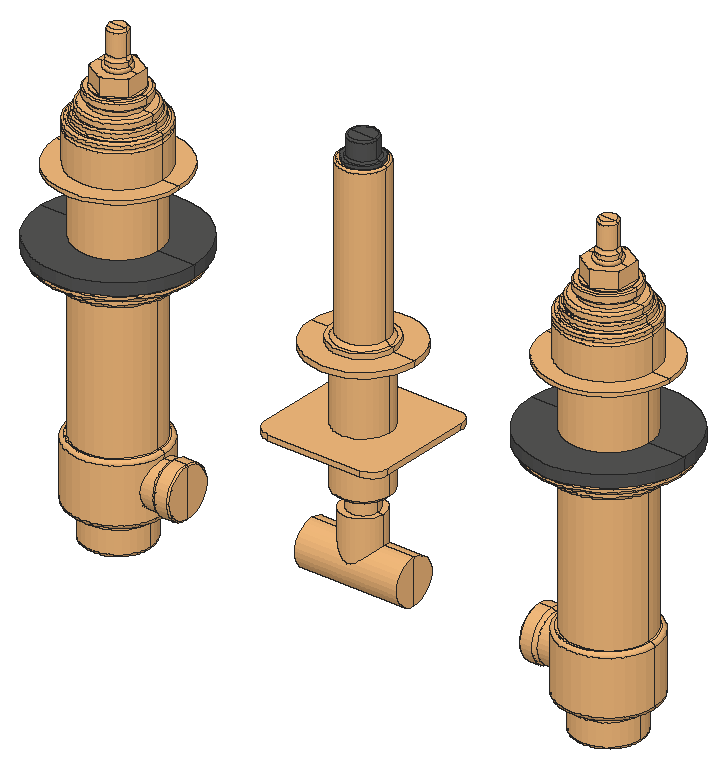
Revit family "Bath-Valves_and_Controls-KOHLER-K-301", category Plumbing Fixtures, host Face, Revit 2015
Parameters (values of type "3/4 Inch High-Flow Bath Valve")
  Width = 8"  # constant formula
  Waste Water Outlet = "Waste Water Outlet"  # constant formula
  Waste Connection = 1 = 0  # no
  Vent Connection = 1 = 0  # no
  URL = "https://www.us.kohler.com/us/"
  Product Page URL = "http://www.us.kohler.com/us/catalog/productDetails.jsp?productNumber=301-K"
  Product Name = "High Flow"  # constant formula
  Product Documentation Link = "https://www.us.kohler.com/webassets/kpna/catalog/pdf/en/K-301-K_spec.pdf"
  Pressure = 0.00 psi
  Model = "K-301-K-NA"  # constant formula
  Material = "Brass construction"  # constant formula
  MasterFormat 2004 = "22.11.00"  # constant formula
  MasterFormat 1995 = "154300"  # constant formula
  Manufacturer Address = "444 Highland Dr, Kohler, WI 53044"  # constant formula
  Manufacturer = "KOHLER Co."  # constant formula
  Length = 7 15/32"  # constant formula
  Hot Water Inlet = "Hot Water Inlet"  # constant formula
  Height = 2 1/2"  # constant formula
  HW Connection = 1 = 1  # yes
  Flow Rate = 30 GPM  # constant formula
  Finish = Kohler-Metal-Brass
  Environmental Product Declaration = ""
  Description = "3/4 Inch ceramic high-flow valve system"  # constant formula
  Default Elevation = 36"
  Declare Label = ""
  Date Modified = "01/22/2019"  # constant formula
  Date Created = "01/22/2019"  # constant formula
  Copyright = "Copyright KOHLER Co."  # constant formula
  Contact Us = "https://www.us.kohler.com/us/static/contact.jsp"
  Cold Water Inlet = "Cold Water Inlet"  # constant formula
  CW Connection = 1 = 1  # yes
  Assembly Code = "D2020"
  ADA Compliant = 1 = 0  # no
Reference planes (in)
  plane 1 "Center (Front/Back)": y = 0
  plane 2: z = 0
  plane 3 "Center (Left/Right)": x = 0
  plane 4: x = 4
  plane 5: x = -4
  plane 6: y = 1.25
  plane 7: y = -1.25
  plane 8: z = -5.40625
  plane 9: z = -1
  plane 10: z = 2.0625
Forms (in)
  Extrusion 1, void
    sketch origin (0, 0, 0) x (1, 0, 0) y (0, 1, 0)
      loop
        circle (0, 0) r 0.375
      loop
        circle (-4, 0) r 0.78906
      loop
        circle (4, 0) r 0.78806
    from -0.93984 to 0.31144
  Extrusion 2, void
    sketch origin (0, 0, 0) x (1, 0, 0) y (0, 1, 0)
      loop
        circle (-4, 0) r 1.2832
      loop
        circle (4, 0) r 1.2832
      loop
        line (0.75781, 1.00781) -> (-0.75781, 1.00781)
        arc (-0.75781, 1.00781) -> (-0.93459, 0.93459) -> (-1.00781, 0.75781) r 0.25
        line (-1.00781, 0.75781) -> (-1.00781, -0.76563)
        arc (-1.00781, -0.76563) -> (-0.93459, -0.9424) -> (-0.75781, -1.01563) r 0.25
        line (-0.75781, -1.01563) -> (0.75781, -1.01563)
        arc (0.75781, -1.01563) -> (0.93459, -0.9424) -> (1.00781, -0.76562) r 0.25
        line (1.00781, -0.76562) -> (1.00781, 0.75781)
        arc (1.00781, 0.75781) -> (0.93459, 0.93459) -> (0.75781, 1.00781) r 0.25
    from -5.73682 to -0.93984
  Extrusion 3, void
    sketch origin (0, 0, 0) x (0, 1, 0) y (0, 0, 1)
      loop
        circle (0, -4.37025) r 0.4197
    from -4.99706 to 5.05336
Dimensions and locks (in)
  plane 2 to plane 9 = 1"
  equal spacing: plane 6, plane 1 "Center (Front/Back)", plane 7
  "Width": plane 4 to plane 5
  equal spacing: plane 4, plane 3 "Center (Left/Right)", plane 5
  locked: plane 10 to plane 2 at 2.0625
  "Length": plane 10 to plane 8
  "Height": plane 6 to plane 7
  aligned and locked: plane 2 to host face
  aligned and locked: level to host face
Automatic sketch dimensions
  host sketch curve to host sketch curve = 96"  (x2)
  plane 1 "Center (Front/Back)" to Extrusion 2 sketch curve = 0"  (x2)
  Extrusion 2 sketch curve to plane 5 = 0"
  Extrusion 2 sketch curve to plane 4 = 0"
  Extrusion 2 sketch curve to plane 3 "Center (Left/Right)" = 1 1/128"
  Extrusion 2 sketch curve to Extrusion 2 sketch curve = 1/4"  (x3)
  plane 3 "Center (Left/Right)" to Extrusion 2 sketch curve = 97/128"  (x2)
  plane 1 "Center (Front/Back)" to Extrusion 2 sketch curve = 49/64"
  Extrusion 2 sketch curve to plane 1 "Center (Front/Back)" = 97/128"
  Extrusion 3 sketch curve to plane 1 "Center (Front/Back)" = 0"
  plane 8 to Extrusion 3 sketch curve = 1.036"
  plane 1 "Center (Front/Back)" to Extrusion 1 sketch curve = 0"  (x3)
  Extrusion 1 sketch curve to plane 5 = 0"
  Extrusion 1 sketch curve to plane 3 "Center (Left/Right)" = 0"
  Extrusion 1 sketch curve to plane 4 = 0"
  radius of Extrusion 2 sketch curve = 1.2832"  (x2)
  radius of Extrusion 3 sketch curve = 0.4197"
  radius of Extrusion 1 sketch curve = 3/8"
  radius of Extrusion 1 sketch curve = 101/128"
  radius of Extrusion 1 sketch curve = 0.78806"
Nested families (in)
  nested 1: "K-301" at (0, 0, -5.4065), type "K-301"
Connectors (in)
  piping at (-4, 0, -5.36351), diameter 0.625, driven by "Flow Rate", driven by "HW Connection", driven by "Hot Water Inlet"
    settings: on nested 1, index 1, connector inside diameter 24", connector length 0", flow factor 0, pipe flow 30 GPM, pressure drop 0.00 psi, fitting loss kfactor 0, connector angle 0.00°, fixture units 0, engagement length 0", angle of deflection 0.00°, flow configuration 1, flow direction 1, fitting loss method 0, system type 19, joint type 0, gender type 0, connector reference index -1, connector utility 1, adjustable connector no, is connector primary yes, connector description "Hot Water Inlet"
  piping at (4, 0, -5.36335), diameter 0.625, driven by "Flow Rate", driven by "CW Connection", driven by "Cold Water Inlet"
    settings: on nested 1, index 2, connector inside diameter 24", connector length 0", flow factor 0, pipe flow 30 GPM, pressure drop 0.00 psi, fitting loss kfactor 0, connector angle 0.00°, fixture units 0, engagement length 0", angle of deflection 0.00°, flow configuration 1, flow direction 1, fitting loss method 0, system type 20, joint type 0, gender type 0, connector reference index -1, connector utility 1, adjustable connector no, is connector primary no, connector description "Cold Water Inlet"
Definition of nested family "K-301"
  Parameters (values of type "K-301")
    Valve Material = none
  Reference planes (in)
    plane 1 "Center (Front/Back)": y = 0
    plane 2: z = 0
    plane 3 "Center (Left/Right)": x = 0
    plane 4: x = 4
    plane 5: x = -4
    plane 6: y = -1.25
    plane 7: y = 1.25
    plane 8: z = 7.469
    plane 9: z = 5.4065
    plane 10: z = 4.4065
    plane 11: z = 0.00025
  Forms (in)
    Revolve 1, solid, material <- "Valve Material", detail levels medium+fine
      sketch origin (0, 0, 0) x (1, 0, 0) y (0, 0, 1)
        loop
          line (-4, 0.04299) -> (-4, 7.469) -> (-4.125, 7.469) -> (-4.14991, 7.42586) -> (-4.14991, 7.07567)
          arc (-4.14991, 7.07567) -> (-4.12427, 7.02498) -> (-4.17366, 6.99691) r 0.04118
          line (-4.17366, 6.99691) -> (-4.17366, 6.92561)
          arc (-4.17366, 6.92561) -> (-4.20753, 6.90204) -> (-4.18742, 6.866) r 0.03074
          line (-4.18742, 6.866) -> (-4.35737, 6.866)
          arc (-4.35737, 6.866) -> (-4.37536, 6.85855) -> (-4.38281, 6.84055) r 0.02545
          line (-4.38281, 6.84055) -> (-4.38281, 6.591) -> (-4.44707, 6.591) -> (-4.46962, 6.56845) -> (-4.46962, 6.47355) -> (-4.44707, 6.451) -> (-4.41605, 6.451) -> (-4.41605, 6.373) -> (-4.53425, 6.373)
          arc (-4.53425, 6.373) -> (-4.55842, 6.36299) -> (-4.56844, 6.33881) r 0.03419
          line (-4.56844, 6.33881) -> (-4.56844, 6.256) -> (-4.60181, 6.256)
          arc (-4.60181, 6.256) -> (-4.61835, 6.24915) -> (-4.6252, 6.23261) r 0.02339
          line (-4.6252, 6.23261) -> (-4.6252, 6.16255)
          arc (-4.6252, 6.16255) -> (-4.63239, 6.14519) -> (-4.64975, 6.138) r 0.02455
          line (-4.64975, 6.138) -> (-4.69157, 6.138)
          arc (-4.69157, 6.138) -> (-4.71521, 6.12821) -> (-4.725, 6.10457) r 0.03343
          line (-4.725, 6.10457) -> (-4.725, 6.04644)
          arc (-4.725, 6.04644) -> (-4.70558, 6.01808) -> (-4.725, 5.98972) r 0.03042
          line (-4.725, 5.98972) -> (-4.725, 5.4665) -> (-5, 5.4665) -> (-5, 5.4065) -> (-4.65248, 5.4065) -> (-4.65248, 4.2165) -> (-5.06544, 4.2165) -> (-5.06544, 4.1775) -> (-5.15896, 4.1775)
          arc (-5.15896, 4.1775) -> (-5.17448, 4.17107) -> (-5.18091, 4.15554) r 0.02196
          line (-5.18091, 4.15554) -> (-5.18091, 4.10809)
          arc (-5.18091, 4.10809) -> (-5.17488, 4.09353) -> (-5.16033, 4.0875) r 0.02059
          line (-5.16033, 4.0875) -> (-4.86837, 4.0875)
          arc (-4.86837, 4.0875) -> (-4.85056, 4.08012) -> (-4.84319, 4.06231) r 0.02519
          line (-4.84319, 4.06231) -> (-4.84319, 3.84365)
          arc (-4.84319, 3.84365) -> (-4.83553, 3.82516) -> (-4.81703, 3.8175) r 0.02615
          line (-4.81703, 3.8175) -> (-4.65316, 3.8175) -> (-4.65316, 1.506) -> (-4.69095, 1.506)
          arc (-4.69095, 1.506) -> (-4.73272, 1.4887) -> (-4.75002, 1.44694) r 0.05906
          line (-4.75002, 1.44694) -> (-4.75002, 0.57613)
          arc (-4.75002, 0.57613) -> (-4.73054, 0.53362) -> (-4.68564, 0.52061) r 0.05613
          arc (-4.68564, 0.52061) -> (-4.57677, 0.48906) -> (-4.52956, 0.38601) r 0.13608
          line (-4.52956, 0.38601) -> (-4.52956, 0.0217)
          arc (-4.52956, 0.0217) -> (-4.52328, 0.00653) -> (-4.50811, 0.00025) r 0.02145
          line (-4.50811, 0.00025) -> (-4.29726, 0.00025) -> (-4.29726, 0.04299) -> (-4, 0.04299)
        axis (-4, 7.469) -> (-4, 0.00025)
      angle from 0 to 360
    Revolve 2, solid, material <- "Valve Material", detail levels medium+fine
      sketch origin (0, 0, 0) x (1, 0, 0) y (0, 0, 1)
        loop
          line (0, 6.93824) -> (0, 1.05354) -> (0.33266, 1.05354) -> (0.33266, 1.841) -> (0.23606, 1.841) -> (0.23606, 2.105) -> (0.39089, 2.105) -> (0.43445, 2.14856) -> (0.43445, 2.7412) -> (0.61372, 2.7412) -> (0.61372, 2.98) -> (0.43445, 2.98) -> (0.43445, 4.18134) -> (0.845, 4.18134) -> (0.845, 4.27134) -> (0.5, 4.27134) -> (0.5, 4.34634) -> (0.43516, 4.34634) -> (0.375, 4.4065) -> (0.375, 6.90899)
          arc (0.375, 6.90899) -> (0.36643, 6.92968) -> (0.34575, 6.93824) r 0.02925
          line (0.34575, 6.93824) -> (0, 6.93824)
        axis (0, 6.93824) -> (0, 1.05354)
      angle from 0 to 360
    Revolve 3, solid, material <- "Valve Material", detail levels medium+fine
      sketch origin (0, 0, 0) x (1, 0, 0) y (0, 0, 1)
        loop
          line (-3.46752, 1.036) -> (-2.86, 1.036) -> (-2.86, 1.421) -> (-2.8847, 1.441) -> (-3.08, 1.441)
          arc (-3.08, 1.441) -> (-3.10378, 1.41898) -> (-3.13519, 1.41099) r 0.06576
          line (-3.13519, 1.41099) -> (-3.46752, 1.41099) -> (-3.46752, 1.036)
        loop
          line (-0.83, 1.036) -> (0.83, 1.036) -> (0.83, 1.391) -> (-0.83, 1.391) -> (-0.83, 1.036)
        loop
          line (3.46752, 1.41099) -> (3.13519, 1.41099)
          arc (3.13519, 1.41099) -> (3.10378, 1.41898) -> (3.08, 1.441) r 0.06576
          line (3.08, 1.441) -> (2.8847, 1.441) -> (2.86, 1.421) -> (2.86, 1.036) -> (3.46752, 1.036) -> (3.46752, 1.41099)
        axis (-3.46752, 1.036) -> (3.46752, 1.036)
      angle from 0 to 360
    Extrusion 4, solid, material <- "Valve Material", detail levels medium+fine
      sketch origin (0, 0, 0) x (1, 0, 0) y (0, 1, 0)
        loop
          line (1, -0.75) -> (1, 0.75)
          arc (1, 0.75) -> (0.92678, 0.92678) -> (0.75, 1) r 0.25
          line (0.75, 1) -> (-0.75, 1)
          arc (-0.75, 1) -> (-0.92678, 0.92678) -> (-1, 0.75) r 0.25
          line (-1, 0.75) -> (-1, -0.75)
          arc (-1, -0.75) -> (-0.92678, -0.92678) -> (-0.75, -1) r 0.25
          line (-0.75, -1) -> (0.75, -1)
          arc (0.75, -1) -> (0.92678, -0.92678) -> (1, -0.75) r 0.25
      from 2.98 to 3.07
    Extrusion 5, void
      sketch origin (0, 0, 0) x (1, 0, 0) y (0, 1, 0)
        loop
          line (-4.3225, 0.1862) -> (-4.3225, -0.1862) -> (-4, -0.37239) -> (-3.6775, -0.1862) -> (-3.6775, 0.1862) -> (-4, 0.37239) -> (-4.3225, 0.1862)
        loop
          circle (4, 0) r 0.46962
        loop
          circle (-4, 0) r 0.46962
        loop
          line (4.3225, 0.1862) -> (4, 0.37239) -> (3.6775, 0.1862) -> (3.6775, -0.1862) -> (4, -0.37239) -> (4.3225, -0.1862) -> (4.3225, 0.1862)
      from 6.601 to 6.93824
    Revolve 6, solid, detail levels medium+fine
      sketch origin (0, 0, 0) x (1, 0, 0) y (0, 0, 1)
        loop
          line (-5.25, 4.4065) -> (-5.25, 4.2165) -> (-4, 4.2165) -> (-4, 4.4065) -> (-5.25, 4.4065)
        axis (-4, 4.4065) -> (-4, 4.2165)
      angle from 0 to 360
    Revolve 7, solid, detail levels medium+fine
      sketch origin (0, 0, 0) x (-1, 0, 0) y (0, 0, 1)
        loop
          line (-5.25, 4.4065) -> (-5.25, 4.2165) -> (-4, 4.2165) -> (-4, 4.4065) -> (-5.25, 4.4065)
        axis (-4, 4.4065) -> (-4, 4.2165)
      angle from 0 to 360
    Revolve 8, solid, material <- "Valve Material", detail levels medium+fine
      sketch origin (0, 0, 0) x (-1, 0, 0) y (0, 0, 1)
        loop
          line (-4, 0.04315) -> (-4, 7.469) -> (-4.125, 7.469) -> (-4.14991, 7.42586) -> (-4.14991, 7.07567)
          arc (-4.14991, 7.07567) -> (-4.12427, 7.02498) -> (-4.17366, 6.99691) r 0.04118
          line (-4.17366, 6.99691) -> (-4.17366, 6.92561)
          arc (-4.17366, 6.92561) -> (-4.20753, 6.90204) -> (-4.18742, 6.866) r 0.03074
          line (-4.18742, 6.866) -> (-4.35737, 6.866)
          arc (-4.35737, 6.866) -> (-4.37536, 6.85855) -> (-4.38281, 6.84055) r 0.02545
          line (-4.38281, 6.84055) -> (-4.38281, 6.591) -> (-4.44707, 6.591) -> (-4.46962, 6.56845) -> (-4.46962, 6.47355) -> (-4.44707, 6.451) -> (-4.41605, 6.451) -> (-4.41605, 6.373) -> (-4.53425, 6.373)
          arc (-4.53425, 6.373) -> (-4.55842, 6.36299) -> (-4.56844, 6.33881) r 0.03419
          line (-4.56844, 6.33881) -> (-4.56844, 6.256) -> (-4.60181, 6.256)
          arc (-4.60181, 6.256) -> (-4.61835, 6.24915) -> (-4.6252, 6.23261) r 0.02339
          line (-4.6252, 6.23261) -> (-4.6252, 6.16255)
          arc (-4.6252, 6.16255) -> (-4.63239, 6.14519) -> (-4.64975, 6.138) r 0.02455
          line (-4.64975, 6.138) -> (-4.69157, 6.138)
          arc (-4.69157, 6.138) -> (-4.71521, 6.12821) -> (-4.725, 6.10457) r 0.03343
          line (-4.725, 6.10457) -> (-4.725, 6.04644)
          arc (-4.725, 6.04644) -> (-4.70558, 6.01808) -> (-4.725, 5.98972) r 0.03042
          line (-4.725, 5.98972) -> (-4.725, 5.4665) -> (-5, 5.4665) -> (-5, 5.4065) -> (-4.65248, 5.4065) -> (-4.65248, 4.2165) -> (-5.06544, 4.2165) -> (-5.06544, 4.1775) -> (-5.15896, 4.1775)
          arc (-5.15896, 4.1775) -> (-5.17448, 4.17107) -> (-5.18091, 4.15554) r 0.02196
          line (-5.18091, 4.15554) -> (-5.18091, 4.10809)
          arc (-5.18091, 4.10809) -> (-5.17488, 4.09353) -> (-5.16033, 4.0875) r 0.02059
          line (-5.16033, 4.0875) -> (-4.86837, 4.0875)
          arc (-4.86837, 4.0875) -> (-4.85056, 4.08012) -> (-4.84319, 4.06231) r 0.02519
          line (-4.84319, 4.06231) -> (-4.84319, 3.84365)
          arc (-4.84319, 3.84365) -> (-4.83553, 3.82516) -> (-4.81703, 3.8175) r 0.02615
          line (-4.81703, 3.8175) -> (-4.65316, 3.8175) -> (-4.65316, 1.506) -> (-4.69095, 1.506)
          arc (-4.69095, 1.506) -> (-4.73272, 1.4887) -> (-4.75002, 1.44694) r 0.05906
          line (-4.75002, 1.44694) -> (-4.75002, 0.57613)
          arc (-4.75002, 0.57613) -> (-4.73054, 0.53362) -> (-4.68564, 0.52061) r 0.05613
          arc (-4.68564, 0.52061) -> (-4.57677, 0.48906) -> (-4.52956, 0.38601) r 0.13608
          line (-4.52956, 0.38601) -> (-4.52956, 0.0217)
          arc (-4.52956, 0.0217) -> (-4.52328, 0.00653) -> (-4.50811, 0.00025) r 0.02145
          line (-4.50811, 0.00025) -> (-4.27476, 0.00025) -> (-4.27476, 0.04315) -> (-4, 0.04315)
        axis (-4, 7.469) -> (-4, 0.00025)
      angle from 0 to 360
    Revolve 9, solid, material <- "Valve Material", detail levels coarse
      sketch origin (0, 0, 0) x (1, 0, 0) y (0, 0, 1)
        loop
          line (-4, 7.469) -> (-4.18742, 7.469) -> (-4.18742, 6.866) -> (-4.725, 6.866) -> (-4.725, 5.46606) -> (-5, 5.46606) -> (-5, 5.4065) -> (-4.65248, 5.4065) -> (-4.65248, 4.4065) -> (-5.25, 4.4065) -> (-5.25, 3.8175) -> (-4.74691, 3.8175) -> (-4.74691, 0.00025) -> (-4, 0.00025) -> (-4, 7.469)
        axis (-4, 7.469) -> (-4, 0.00025)
      angle from 0 to 360
    Revolve 10, solid, material <- "Valve Material", detail levels coarse
      sketch origin (0, 0, 0) x (-1, 0, 0) y (0, 0, 1)
        loop
          line (-4, 7.469) -> (-4.18742, 7.469) -> (-4.18742, 6.866) -> (-4.725, 6.866) -> (-4.725, 5.4665) -> (-5, 5.4665) -> (-5, 5.4065) -> (-4.65248, 5.4065) -> (-4.65248, 4.4065) -> (-5.25, 4.4065) -> (-5.25, 3.8175) -> (-4.74691, 3.8175) -> (-4.74691, 0.00025) -> (-4, 0.00025) -> (-4, 7.469)
        axis (-4, 7.469) -> (-4, 0.00025)
      angle from 0 to 360
    Revolve 11, solid, material <- "Valve Material", detail levels coarse
      sketch origin (0, 0, 0) x (1, 0, 0) y (0, 0, 1)
        loop
          line (0, 7.28824) -> (0, 1.05354) -> (0.31727, 1.05354) -> (0.31727, 2.7412) -> (1, 2.7412) -> (1, 3.07) -> (0.43445, 3.07) -> (0.43445, 4.2415) -> (0.845, 4.2415) -> (0.845, 4.4065) -> (0.375, 4.4065) -> (0.375, 7.28824) -> (0, 7.28824)
        axis (0, 7.28824) -> (0, 1.05354)
      angle from 0 to 360
    Revolve 12, solid, material <- "Valve Material", detail levels coarse
      sketch origin (0, 0, 0) x (1, 0, 0) y (0, 0, 1)
        loop
          line (-3.6775, 1.036) -> (-2.86, 1.036) -> (-2.86, 1.44224) -> (-3.6775, 1.44224) -> (-3.6775, 1.036)
        loop
          line (3.58353, 1.44224) -> (2.86, 1.44224) -> (2.86, 1.036) -> (3.58353, 1.036) -> (3.58353, 1.44224)
        loop
          line (0.83, 1.40317) -> (-0.83, 1.40317) -> (-0.83, 1.036) -> (0.83, 1.036) -> (0.83, 1.40317)
        axis (-3.6775, 1.036) -> (3.58353, 1.036)
      angle from 0 to 360
    Revolve 13, solid, detail levels medium+fine
      sketch origin (0, 0, 0) x (1, 0, 0) y (0, 0, 1)
        loop
          line (0.19626, 7.28824) -> (0, 7.28824) -> (0, 6.90261) -> (0.305, 6.90261) -> (0.305, 6.97824) -> (0.25241, 6.97824)
          arc (0.25241, 6.97824) -> (0.23244, 6.98641) -> (0.22392, 7.00624) r 0.0285
          line (0.22392, 7.00624) -> (0.2194, 7.26551)
          arc (0.2194, 7.26551) -> (0.21248, 7.28161) -> (0.19626, 7.28824) r 0.02314
        axis (0, 7.28824) -> (0, 6.90261)
      angle from 0 to 360
  Cuts and joins
    Extrusion 5 cuts Revolve 1
    Extrusion 5 cuts Revolve 8
    joined: Revolve 1, Revolve 2, Extrusion 4, Revolve 8
    joined: Revolve 6, Revolve 7
    joined: Revolve 9, Revolve 10, Revolve 11, Revolve 12
  Lines and regions (in)
    Masking region 1, detail levels medium+fine
      outline origin (0, 0, 0) x (1, 0, 0) y (0, 0, 1)
        loop
          line (-4.00074, 7.469) -> (-4.12574, 7.469) -> (-4.15064, 7.42586) -> (-4.15064, 7.07567)
          arc (-4.15064, 7.07567) -> (-4.12501, 7.02498) -> (-4.1744, 6.99691) r 0.04118
          line (-4.1744, 6.99691) -> (-4.1744, 6.92561)
          arc (-4.1744, 6.92561) -> (-4.20827, 6.90204) -> (-4.18816, 6.866) r 0.03074
          line (-4.18816, 6.866) -> (-4.3225, 6.866) -> (-4.3225, 6.591) -> (-4.44781, 6.591) -> (-4.47036, 6.56845) -> (-4.47036, 6.47355) -> (-4.44781, 6.451) -> (-4.41679, 6.451) -> (-4.41679, 6.373) -> (-4.53499, 6.373)
          arc (-4.53499, 6.373) -> (-4.55916, 6.36299) -> (-4.56917, 6.33881) r 0.03419
          line (-4.56917, 6.33881) -> (-4.56917, 6.256) -> (-4.60255, 6.256)
          arc (-4.60255, 6.256) -> (-4.61909, 6.24915) -> (-4.62594, 6.23261) r 0.02339
          line (-4.62594, 6.23261) -> (-4.62594, 6.16255)
          arc (-4.62594, 6.16255) -> (-4.63313, 6.14519) -> (-4.65049, 6.138) r 0.02455
          line (-4.65049, 6.138) -> (-4.69231, 6.138)
          arc (-4.69231, 6.138) -> (-4.71595, 6.12821) -> (-4.72574, 6.10457) r 0.03343
          line (-4.72574, 6.10457) -> (-4.72574, 6.04644)
          arc (-4.72574, 6.04644) -> (-4.70631, 6.01808) -> (-4.72574, 5.98972) r 0.03042
          line (-4.72574, 5.98972) -> (-4.72574, 5.4665) -> (-5.00074, 5.4665) -> (-5.00074, 5.4065) -> (-4.65321, 5.4065) -> (-4.65321, 4.4065) -> (-5.25, 4.4065) -> (-5.25, 4.2165) -> (-5.06544, 4.2165) -> (-5.06544, 4.1775) -> (-5.15896, 4.1775)
          arc (-5.15896, 4.1775) -> (-5.17448, 4.17107) -> (-5.18091, 4.15554) r 0.02196
          line (-5.18091, 4.15554) -> (-5.18091, 4.10809)
          arc (-5.18091, 4.10809) -> (-5.17488, 4.09353) -> (-5.16033, 4.0875) r 0.02059
          line (-5.16033, 4.0875) -> (-4.86837, 4.0875)
          arc (-4.86837, 4.0875) -> (-4.85056, 4.08012) -> (-4.84319, 4.06231) r 0.02519
          line (-4.84319, 4.06231) -> (-4.84319, 3.84365)
          arc (-4.84319, 3.84365) -> (-4.83553, 3.82516) -> (-4.81703, 3.8175) r 0.02615
          line (-4.81703, 3.8175) -> (-4.6539, 3.8175) -> (-4.6539, 1.506) -> (-4.69169, 1.506)
          arc (-4.69169, 1.506) -> (-4.73346, 1.4887) -> (-4.75076, 1.44694) r 0.05906
          line (-4.75076, 1.44694) -> (-4.75076, 0.57613)
          arc (-4.75076, 0.57613) -> (-4.73128, 0.53362) -> (-4.68637, 0.52061) r 0.05613
          arc (-4.68637, 0.52061) -> (-4.57751, 0.48906) -> (-4.5303, 0.38601) r 0.13608
          line (-4.5303, 0.38601) -> (-4.5303, 0.0217)
          arc (-4.5303, 0.0217) -> (-4.52401, 0.00653) -> (-4.50885, 0.00025) r 0.02145
          line (-4.50885, 0.00025) -> (-3.49115, 0.00025)
          arc (-3.49115, 0.00025) -> (-3.47599, 0.00653) -> (-3.4697, 0.0217) r 0.02145
          line (-3.4697, 0.0217) -> (-3.4697, 0.38601)
          arc (-3.4697, 0.38601) -> (-3.42249, 0.48906) -> (-3.31363, 0.52061) r 0.13608
          arc (-3.31363, 0.52061) -> (-3.26872, 0.53362) -> (-3.24924, 0.57613) r 0.05613
          line (-3.24924, 0.57613) -> (-3.24924, 0.66101) -> (-3.13519, 0.66101)
          arc (-3.13519, 0.66101) -> (-3.10378, 0.65302) -> (-3.08, 0.631) r 0.06576
          line (-3.08, 0.631) -> (-2.8847, 0.631) -> (-2.86, 0.651) -> (-2.86, 1.421) -> (-2.8847, 1.441) -> (-3.08, 1.441)
          arc (-3.08, 1.441) -> (-3.10378, 1.41898) -> (-3.13519, 1.41099) r 0.06576
          line (-3.13519, 1.41099) -> (-3.24924, 1.41099) -> (-3.24924, 1.44694)
          arc (-3.24924, 1.44694) -> (-3.26654, 1.4887) -> (-3.30831, 1.506) r 0.05906
          line (-3.30831, 1.506) -> (-3.3461, 1.506) -> (-3.3461, 3.8175) -> (-3.18297, 3.8175)
          arc (-3.18297, 3.8175) -> (-3.16447, 3.82516) -> (-3.15681, 3.84365) r 0.02615
          line (-3.15681, 3.84365) -> (-3.15681, 4.06231)
          arc (-3.15681, 4.06231) -> (-3.14944, 4.08012) -> (-3.13163, 4.0875) r 0.02519
          line (-3.13163, 4.0875) -> (-2.83967, 4.0875)
          arc (-2.83967, 4.0875) -> (-2.82512, 4.09353) -> (-2.81909, 4.10809) r 0.02059
          line (-2.81909, 4.10809) -> (-2.81909, 4.15554)
          arc (-2.81909, 4.15554) -> (-2.82552, 4.17107) -> (-2.84104, 4.1775) r 0.02196
          line (-2.84104, 4.1775) -> (-2.93456, 4.1775) -> (-2.93456, 4.2165) -> (-2.75, 4.2165) -> (-2.75, 4.4065) -> (-3.34679, 4.4065) -> (-3.34679, 5.4065) -> (-2.99926, 5.4065) -> (-2.99926, 5.4665) -> (-3.27426, 5.4665) -> (-3.27426, 5.98972)
          arc (-3.27426, 5.98972) -> (-3.29369, 6.01808) -> (-3.27426, 6.04644) r 0.03042
          line (-3.27426, 6.04644) -> (-3.27426, 6.10457)
          arc (-3.27426, 6.10457) -> (-3.28405, 6.12821) -> (-3.30769, 6.138) r 0.03343
          line (-3.30769, 6.138) -> (-3.34951, 6.138)
          arc (-3.34951, 6.138) -> (-3.36687, 6.14519) -> (-3.37406, 6.16255) r 0.02455
          line (-3.37406, 6.16255) -> (-3.37406, 6.23261)
          arc (-3.37406, 6.23261) -> (-3.38091, 6.24915) -> (-3.39745, 6.256) r 0.02339
          line (-3.39745, 6.256) -> (-3.43083, 6.256) -> (-3.43083, 6.33881)
          arc (-3.43083, 6.33881) -> (-3.44084, 6.36299) -> (-3.46501, 6.373) r 0.03419
          line (-3.46501, 6.373) -> (-3.58321, 6.373) -> (-3.58321, 6.451) -> (-3.55219, 6.451) -> (-3.52964, 6.47355) -> (-3.52964, 6.56845) -> (-3.55219, 6.591) -> (-3.6775, 6.591) -> (-3.6775, 6.866) -> (-3.81184, 6.866)
          arc (-3.81184, 6.866) -> (-3.79173, 6.90204) -> (-3.8256, 6.92561) r 0.03074
          line (-3.8256, 6.92561) -> (-3.8256, 6.99691)
          arc (-3.8256, 6.99691) -> (-3.87499, 7.02498) -> (-3.84936, 7.07567) r 0.04118
          line (-3.84936, 7.07567) -> (-3.84936, 7.42586) -> (-3.87426, 7.469) -> (-4.00074, 7.469)
        loop
          line (3.87426, 7.469) -> (3.84936, 7.42586) -> (3.84936, 7.07567)
          arc (3.84936, 7.07567) -> (3.87499, 7.02498) -> (3.8256, 6.99691) r 0.04118
          line (3.8256, 6.99691) -> (3.8256, 6.92561)
          arc (3.8256, 6.92561) -> (3.79173, 6.90204) -> (3.81184, 6.866) r 0.03074
          line (3.81184, 6.866) -> (3.6775, 6.866) -> (3.6775, 6.591) -> (3.55219, 6.591) -> (3.52964, 6.56845) -> (3.52964, 6.47355) -> (3.55219, 6.451) -> (3.58321, 6.451) -> (3.58321, 6.373) -> (3.46501, 6.373)
          arc (3.46501, 6.373) -> (3.44084, 6.36299) -> (3.43083, 6.33881) r 0.03419
          line (3.43083, 6.33881) -> (3.43083, 6.256) -> (3.39745, 6.256)
          arc (3.39745, 6.256) -> (3.38091, 6.24915) -> (3.37406, 6.23261) r 0.02339
          line (3.37406, 6.23261) -> (3.37406, 6.16255)
          arc (3.37406, 6.16255) -> (3.36687, 6.14519) -> (3.34951, 6.138) r 0.02455
          line (3.34951, 6.138) -> (3.30769, 6.138)
          arc (3.30769, 6.138) -> (3.28405, 6.12821) -> (3.27426, 6.10457) r 0.03343
          line (3.27426, 6.10457) -> (3.27426, 6.04644)
          arc (3.27426, 6.04644) -> (3.29369, 6.01808) -> (3.27426, 5.98972) r 0.03042
          line (3.27426, 5.98972) -> (3.27426, 5.4665) -> (2.99926, 5.4665) -> (2.99926, 5.4065) -> (3.34679, 5.4065) -> (3.34679, 4.4065) -> (2.75, 4.4065) -> (2.75, 4.2165) -> (2.93456, 4.2165) -> (2.93456, 4.1775) -> (2.84104, 4.1775)
          arc (2.84104, 4.1775) -> (2.82552, 4.17107) -> (2.81909, 4.15554) r 0.02196
          line (2.81909, 4.15554) -> (2.81909, 4.10809)
          arc (2.81909, 4.10809) -> (2.82512, 4.09353) -> (2.83967, 4.0875) r 0.02059
          line (2.83967, 4.0875) -> (3.13163, 4.0875)
          arc (3.13163, 4.0875) -> (3.14944, 4.08012) -> (3.15681, 4.06231) r 0.02519
          line (3.15681, 4.06231) -> (3.15681, 3.84365)
          arc (3.15681, 3.84365) -> (3.16447, 3.82516) -> (3.18297, 3.8175) r 0.02615
          line (3.18297, 3.8175) -> (3.3461, 3.8175) -> (3.3461, 1.506) -> (3.30831, 1.506)
          arc (3.30831, 1.506) -> (3.26654, 1.4887) -> (3.24924, 1.44694) r 0.05906
          line (3.24924, 1.44694) -> (3.24924, 1.41099) -> (3.13519, 1.41099)
          arc (3.13519, 1.41099) -> (3.10378, 1.41898) -> (3.08, 1.441) r 0.06576
          line (3.08, 1.441) -> (2.8847, 1.441) -> (2.86, 1.421) -> (2.86, 0.651) -> (2.8847, 0.631) -> (3.08, 0.631)
          arc (3.08, 0.631) -> (3.10378, 0.65302) -> (3.13519, 0.66101) r 0.06576
          line (3.13519, 0.66101) -> (3.24924, 0.66101) -> (3.24924, 0.57613)
          arc (3.24924, 0.57613) -> (3.26872, 0.53362) -> (3.31363, 0.52061) r 0.05613
          arc (3.31363, 0.52061) -> (3.42249, 0.48906) -> (3.4697, 0.38601) r 0.13608
          line (3.4697, 0.38601) -> (3.4697, 0.0217)
          arc (3.4697, 0.0217) -> (3.47599, 0.00653) -> (3.49115, 0.00025) r 0.02145
          line (3.49115, 0.00025) -> (4.50885, 0.00025)
          arc (4.50885, 0.00025) -> (4.52401, 0.00653) -> (4.5303, 0.0217) r 0.02145
          line (4.5303, 0.0217) -> (4.5303, 0.38601)
          arc (4.5303, 0.38601) -> (4.57751, 0.48906) -> (4.68637, 0.52061) r 0.13608
          arc (4.68637, 0.52061) -> (4.73128, 0.53362) -> (4.75076, 0.57613) r 0.05613
          line (4.75076, 0.57613) -> (4.75076, 1.44694)
          arc (4.75076, 1.44694) -> (4.73346, 1.4887) -> (4.69169, 1.506) r 0.05906
          line (4.69169, 1.506) -> (4.6539, 1.506) -> (4.6539, 3.8175) -> (4.81703, 3.8175)
          arc (4.81703, 3.8175) -> (4.83553, 3.82516) -> (4.84319, 3.84365) r 0.02615
          line (4.84319, 3.84365) -> (4.84319, 4.06231)
          arc (4.84319, 4.06231) -> (4.85056, 4.08012) -> (4.86837, 4.0875) r 0.02519
          line (4.86837, 4.0875) -> (5.16033, 4.0875)
          arc (5.16033, 4.0875) -> (5.17488, 4.09353) -> (5.18091, 4.10809) r 0.02059
          line (5.18091, 4.10809) -> (5.18091, 4.15554)
          arc (5.18091, 4.15554) -> (5.17448, 4.17107) -> (5.15896, 4.1775) r 0.02196
          line (5.15896, 4.1775) -> (5.06544, 4.1775) -> (5.06544, 4.2165) -> (5.25, 4.2165) -> (5.25, 4.4065) -> (4.65321, 4.4065) -> (4.65321, 5.4065) -> (5.00074, 5.4065) -> (5.00074, 5.4665) -> (4.72574, 5.4665) -> (4.72574, 5.98972)
          arc (4.72574, 5.98972) -> (4.70631, 6.01808) -> (4.72574, 6.04644) r 0.03042
          line (4.72574, 6.04644) -> (4.72574, 6.10457)
          arc (4.72574, 6.10457) -> (4.71595, 6.12821) -> (4.69231, 6.138) r 0.03343
          line (4.69231, 6.138) -> (4.65049, 6.138)
          arc (4.65049, 6.138) -> (4.63313, 6.14519) -> (4.62594, 6.16255) r 0.02455
          line (4.62594, 6.16255) -> (4.62594, 6.23261)
          arc (4.62594, 6.23261) -> (4.61909, 6.24915) -> (4.60255, 6.256) r 0.02339
          line (4.60255, 6.256) -> (4.56917, 6.256) -> (4.56917, 6.33881)
          arc (4.56917, 6.33881) -> (4.55916, 6.36299) -> (4.53499, 6.373) r 0.03419
          line (4.53499, 6.373) -> (4.41679, 6.373) -> (4.41679, 6.451) -> (4.44781, 6.451) -> (4.47036, 6.47355) -> (4.47036, 6.56845) -> (4.44781, 6.591) -> (4.3225, 6.591) -> (4.3225, 6.866) -> (4.18816, 6.866)
          arc (4.18816, 6.866) -> (4.20827, 6.90204) -> (4.1744, 6.92561) r 0.03074
          line (4.1744, 6.92561) -> (4.1744, 6.99691)
          arc (4.1744, 6.99691) -> (4.12501, 7.02498) -> (4.15064, 7.07567) r 0.04118
          line (4.15064, 7.07567) -> (4.15064, 7.42586) -> (4.12574, 7.469) -> (3.87426, 7.469)
        loop
          line (-0.83, 0.681) -> (0.83, 0.681) -> (0.83, 1.391) -> (0.36, 1.391) -> (0.36, 1.841) -> (0.31418, 1.841) -> (0.31418, 2.105) -> (0.39089, 2.105) -> (0.43445, 2.14856) -> (0.43445, 2.7412) -> (0.61372, 2.7412) -> (0.61372, 2.98) -> (1, 2.98) -> (1, 3.07) -> (0.43445, 3.07) -> (0.43445, 4.18134) -> (0.845, 4.18134) -> (0.845, 4.27134) -> (0.5, 4.27134) -> (0.5, 4.34634) -> (0.43516, 4.34634) -> (0.375, 4.4065) -> (0.375, 6.90899)
          arc (0.375, 6.90899) -> (0.36643, 6.92968) -> (0.34575, 6.93824) r 0.02925
          line (0.34575, 6.93824) -> (0.305, 6.93824) -> (0.305, 6.97824) -> (0.25241, 6.97824)
          arc (0.25241, 6.97824) -> (0.23244, 6.98641) -> (0.22392, 7.00624) r 0.0285
          line (0.22392, 7.00624) -> (0.2194, 7.26551)
          arc (0.2194, 7.26551) -> (0.21248, 7.28161) -> (0.19626, 7.28824) r 0.02314
          line (0.19626, 7.28824) -> (0, 7.28824) -> (-0.19626, 7.28824)
          arc (-0.19626, 7.28824) -> (-0.21248, 7.28161) -> (-0.2194, 7.26551) r 0.02314
          line (-0.2194, 7.26551) -> (-0.22392, 7.00624)
          arc (-0.22392, 7.00624) -> (-0.23244, 6.98641) -> (-0.25241, 6.97824) r 0.0285
          line (-0.25241, 6.97824) -> (-0.305, 6.97824) -> (-0.305, 6.93824) -> (-0.34575, 6.93824)
          arc (-0.34575, 6.93824) -> (-0.36643, 6.92968) -> (-0.375, 6.90899) r 0.02925
          line (-0.375, 6.90899) -> (-0.375, 4.4065) -> (-0.43516, 4.34634) -> (-0.5, 4.34634) -> (-0.5, 4.27134) -> (-0.845, 4.27134) -> (-0.845, 4.18134) -> (-0.43445, 4.18134) -> (-0.43445, 3.07) -> (-1, 3.07) -> (-1, 2.98) -> (-0.61372, 2.98) -> (-0.61372, 2.7412) -> (-0.43445, 2.7412) -> (-0.43445, 2.14856) -> (-0.39089, 2.105) -> (-0.31418, 2.105) -> (-0.31418, 1.841) -> (-0.36, 1.841) -> (-0.36, 1.391) -> (-0.83, 1.391) -> (-0.83, 0.681)
    Masking region 2
      outline origin (0, 0, 0) x (0, 1, 0) y (0, 0, 1)
        loop
          line (0, 7.469) -> (-0.12648, 7.469) -> (-0.14991, 7.42842) -> (-0.14991, 7.28829) -> (-0.19617, 7.28829)
          arc (-0.19617, 7.28829) -> (-0.21244, 7.28163) -> (-0.21938, 7.26548) r 0.02321
          line (-0.21938, 7.26548) -> (-0.22388, 7.00768)
          arc (-0.22388, 7.00768) -> (-0.23284, 6.98683) -> (-0.25384, 6.97824) r 0.02996
          line (-0.25384, 6.97824) -> (-0.305, 6.97824) -> (-0.305, 6.93824) -> (-0.34474, 6.93824)
          arc (-0.34474, 6.93824) -> (-0.36567, 6.92957) -> (-0.37434, 6.90864) r 0.02961
          line (-0.37434, 6.90864) -> (-0.37434, 6.591) -> (-0.44855, 6.591) -> (-0.4711, 6.56845) -> (-0.4711, 6.47355) -> (-0.44855, 6.451) -> (-0.41753, 6.451) -> (-0.41753, 6.373) -> (-0.53573, 6.373)
          arc (-0.53573, 6.373) -> (-0.5599, 6.36299) -> (-0.56991, 6.33881) r 0.03419
          line (-0.56991, 6.33881) -> (-0.56991, 6.256) -> (-0.60329, 6.256)
          arc (-0.60329, 6.256) -> (-0.61982, 6.24915) -> (-0.62667, 6.23261) r 0.02339
          line (-0.62667, 6.23261) -> (-0.62667, 6.16255)
          arc (-0.62667, 6.16255) -> (-0.63387, 6.14519) -> (-0.65123, 6.138) r 0.02455
          line (-0.65123, 6.138) -> (-0.69305, 6.138)
          arc (-0.69305, 6.138) -> (-0.71669, 6.12821) -> (-0.72648, 6.10457) r 0.03343
          line (-0.72648, 6.10457) -> (-0.72648, 6.04644)
          arc (-0.72648, 6.04644) -> (-0.70705, 6.01808) -> (-0.72648, 5.98972) r 0.03042
          line (-0.72648, 5.98972) -> (-0.72648, 5.4665) -> (-1.00148, 5.4665) -> (-1.00148, 5.4065) -> (-0.65395, 5.4065) -> (-0.65395, 4.4065) -> (-1.25, 4.4065) -> (-1.25, 4.2165) -> (-1.06618, 4.2165) -> (-1.06618, 4.1775) -> (-1.1597, 4.1775)
          arc (-1.1597, 4.1775) -> (-1.17522, 4.17107) -> (-1.18165, 4.15554) r 0.02196
          line (-1.18165, 4.15554) -> (-1.18165, 4.10809)
          arc (-1.18165, 4.10809) -> (-1.17562, 4.09353) -> (-1.16107, 4.0875) r 0.02059
          line (-1.16107, 4.0875) -> (-0.86911, 4.0875)
          arc (-0.86911, 4.0875) -> (-0.8513, 4.08012) -> (-0.84392, 4.06231) r 0.02519
          line (-0.84392, 4.06231) -> (-0.84392, 3.84365)
          arc (-0.84392, 3.84365) -> (-0.83626, 3.82516) -> (-0.81777, 3.8175) r 0.02615
          line (-0.81777, 3.8175) -> (-0.65464, 3.8175) -> (-0.65464, 3.07) -> (-1, 3.07) -> (-1, 2.98) -> (-0.65464, 2.98) -> (-0.65464, 1.506) -> (-0.69243, 1.506)
          arc (-0.69243, 1.506) -> (-0.73419, 1.4887) -> (-0.75149, 1.44694) r 0.05906
          line (-0.75149, 1.44694) -> (-0.75149, 0.57613)
          arc (-0.75149, 0.57613) -> (-0.73202, 0.53362) -> (-0.68711, 0.52061) r 0.05613
          arc (-0.68711, 0.52061) -> (-0.57824, 0.48906) -> (-0.53104, 0.38601) r 0.13608
          line (-0.53104, 0.38601) -> (-0.53104, 0.0217)
          arc (-0.53104, 0.0217) -> (-0.52475, 0.00653) -> (-0.50958, 0.00025) r 0.02145
          line (-0.50958, 0.00025) -> (0, 0.00025) -> (0.50811, 0.00025)
          arc (0.50811, 0.00025) -> (0.52328, 0.00653) -> (0.52956, 0.0217) r 0.02145
          line (0.52956, 0.0217) -> (0.52956, 0.38601)
          arc (0.52956, 0.38601) -> (0.57677, 0.48906) -> (0.68564, 0.52061) r 0.13608
          arc (0.68564, 0.52061) -> (0.73054, 0.53362) -> (0.75002, 0.57613) r 0.05613
          line (0.75002, 0.57613) -> (0.75002, 1.44694)
          arc (0.75002, 1.44694) -> (0.73272, 1.4887) -> (0.69095, 1.506) r 0.05906
          line (0.69095, 1.506) -> (0.65316, 1.506) -> (0.65316, 2.98) -> (1, 2.98) -> (1, 3.07) -> (0.65316, 3.07) -> (0.65316, 3.8175) -> (0.8163, 3.8175)
          arc (0.8163, 3.8175) -> (0.83479, 3.82516) -> (0.84245, 3.84365) r 0.02615
          line (0.84245, 3.84365) -> (0.84245, 4.06231)
          arc (0.84245, 4.06231) -> (0.84983, 4.08012) -> (0.86763, 4.0875) r 0.02519
          line (0.86763, 4.0875) -> (1.15959, 4.0875)
          arc (1.15959, 4.0875) -> (1.17415, 4.09353) -> (1.18018, 4.10809) r 0.02059
          line (1.18018, 4.10809) -> (1.18018, 4.15554)
          arc (1.18018, 4.15554) -> (1.17375, 4.17107) -> (1.15822, 4.1775) r 0.02196
          line (1.15822, 4.1775) -> (1.0647, 4.1775) -> (1.0647, 4.2165) -> (1.25, 4.2165) -> (1.25, 4.4065) -> (0.65248, 4.4065) -> (0.65248, 5.4065) -> (1, 5.4065) -> (1, 5.4665) -> (0.725, 5.4665) -> (0.725, 5.98972)
          arc (0.725, 5.98972) -> (0.70558, 6.01808) -> (0.725, 6.04644) r 0.03042
          line (0.725, 6.04644) -> (0.725, 6.10457)
          arc (0.725, 6.10457) -> (0.71521, 6.12821) -> (0.69157, 6.138) r 0.03343
          line (0.69157, 6.138) -> (0.64975, 6.138)
          arc (0.64975, 6.138) -> (0.63239, 6.14519) -> (0.6252, 6.16255) r 0.02455
          line (0.6252, 6.16255) -> (0.6252, 6.23261)
          arc (0.6252, 6.23261) -> (0.61835, 6.24915) -> (0.60181, 6.256) r 0.02339
          line (0.60181, 6.256) -> (0.56844, 6.256) -> (0.56844, 6.33881)
          arc (0.56844, 6.33881) -> (0.55842, 6.36299) -> (0.53425, 6.373) r 0.03419
          line (0.53425, 6.373) -> (0.41605, 6.373) -> (0.41605, 6.451) -> (0.44707, 6.451) -> (0.46962, 6.47355) -> (0.46962, 6.56845) -> (0.44707, 6.591) -> (0.37434, 6.591) -> (0.37434, 6.90864)
          arc (0.37434, 6.90864) -> (0.36567, 6.92957) -> (0.34474, 6.93824) r 0.02961
          line (0.34474, 6.93824) -> (0.305, 6.93824) -> (0.305, 6.97824) -> (0.24993, 6.97824)
          arc (0.24993, 6.97824) -> (0.23172, 6.98569) -> (0.22395, 7.00377) r 0.02598
          line (0.22395, 7.00377) -> (0.21938, 7.26548)
          arc (0.21938, 7.26548) -> (0.21244, 7.28163) -> (0.19617, 7.28829) r 0.02321
          line (0.19617, 7.28829) -> (0.14991, 7.28829) -> (0.14991, 7.42586) -> (0.125, 7.469) -> (0, 7.469)
    Masking region 3
      outline origin (0, 0, 0) x (1, 0, 0) y (0, 1, 0)
        loop
          circle (-4, 0) r 1
        loop
          circle (4, 0) r 1
        loop
          circle (0, 0) r 0.375
    symbolic lines, detail levels medium+fine
      curve 1: line (-4.14991, 0, 7.07567) -> (-3.84936, 0, 7.07567)
      curve 2: line (-4.17366, 0, 6.99691) -> (-3.82634, 0, 6.99691)
      curve 3: line (-4.1744, 0, 6.92561) -> (-3.8256, 0, 6.92561)
      curve 4: line (-4.18742, 0, 6.866) -> (-3.81184, 0, 6.866)
      curve 5: line (-4.3225, 0, 6.591) -> (-3.6775, 0, 6.591)
      curve 6: line (-4.41679, 0, 6.451) -> (-3.58321, 0, 6.451)
      curve 7: line (-4.41679, 0, 6.373) -> (-3.58321, 0, 6.373)
      curve 8: line (-4.56844, 0, 6.256) -> (-3.43083, 0, 6.256)
      curve 9: line (-4.725, 0, 6.04644) -> (-3.27426, 0, 6.04644)
      curve 10: line (-4.725, 0, 5.98972) -> (-3.275, 0, 5.98972)
      curve 11: line (-4.72574, 0, 5.4665) -> (-3.27426, 0, 5.4665)
      curve 12: line (-4.65321, 0, 5.4065) -> (-3.34679, 0, 5.4065)
      curve 13: line (-4.65321, 0, 4.4065) -> (-3.34679, 0, 4.4065)
      curve 14: line (-5.06544, 0, 4.2165) -> (-2.9353, 0, 4.2165)
      curve 15: line (-5.06544, 0, 4.1775) -> (-2.93456, 0, 4.1775)
      curve 16: line (-4.6539, 0, 3.8175) -> (-3.34684, 0, 3.8175)
      curve 17: line (-4.86837, 0, 4.0875) -> (-3.13163, 0, 4.0875)
      curve 18: line (-4.31919, 0, 3.8175) -> (-4.31919, 0, 4.0875)
      curve 19: line (-3.68081, 0, 3.8175) -> (-3.68081, 0, 4.0875)
      curve 20: line (-4.6539, 0, 1.506) -> (-3.34684, 0, 1.506)
      curve 21: line (-3.24924, 0, 1.41099) -> (-3.24924, 0, 0.66101)
      curve 22: line (-3.08, 0, 1.441) -> (-3.08, 0, 0.631)
      curve 23: line (-4.68637, 0, 0.52061) -> (-3.31363, 0, 0.52061)
      curve 24: line (-4.5303, 0, 0.38601) -> (-3.4697, 0, 0.38601)
      curve 25: line (-0.31418, 0, 1.841) -> (0.31418, 0, 1.841)
      curve 26: line (-0.31418, 0, 2.105) -> (0.31418, 0, 2.105)
      curve 27: line (-0.40959, 0, 2.14856) -> (0.40959, 0, 2.14856)
      curve 28: line (-0.43445, 0, 2.7412) -> (0.43445, 0, 2.7412)
      curve 29: line (-0.61372, 0, 2.98) -> (0.61372, 0, 2.98)
      curve 30: line (-0.43445, 0, 3.07) -> (0.43445, 0, 3.07)
      curve 31: line (-0.43445, 0, 4.18134) -> (0.43445, 0, 4.18134)
      curve 32: line (-0.43516, 0, 4.34634) -> (0.43516, 0, 4.34634)
      curve 33: line (-0.5, 0, 4.27134) -> (0.5, 0, 4.27134)
      curve 34: line (-0.305, 0, 6.93824) -> (0.305, 0, 6.93824)
      curve 35: line (-0.25241, 0, 6.97824) -> (0.25241, 0, 6.97824)
      curve 36: line (-0.375, 0, 4.4065) -> (0.375, 0, 4.4065)
      curve 37: line (4.14991, 0, 7.07567) -> (3.84936, 0, 7.07567)
      curve 38: line (4.17366, 0, 6.99691) -> (3.82634, 0, 6.99691)
      curve 39: line (4.1744, 0, 6.92561) -> (3.8256, 0, 6.92561)
      curve 40: line (4.18742, 0, 6.866) -> (3.81184, 0, 6.866)
      curve 41: line (4.3225, 0, 6.591) -> (3.6775, 0, 6.591)
      curve 42: line (4.41679, 0, 6.451) -> (3.58321, 0, 6.451)
      curve 43: line (4.41679, 0, 6.373) -> (3.58321, 0, 6.373)
      curve 44: line (4.56844, 0, 6.256) -> (3.43083, 0, 6.256)
      curve 45: line (4.725, 0, 6.04644) -> (3.27426, 0, 6.04644)
      curve 46: line (4.725, 0, 5.98972) -> (3.275, 0, 5.98972)
      curve 47: line (4.72574, 0, 5.4665) -> (3.27426, 0, 5.4665)
      curve 48: line (4.65321, 0, 5.4065) -> (3.34679, 0, 5.4065)
      curve 49: line (4.65248, 0, 4.4065) -> (3.34605, 0, 4.4065)
      curve 50: line (5.0647, 0, 4.2165) -> (2.93456, 0, 4.2165)
      curve 51: line (5.0647, 0, 4.1775) -> (2.93382, 0, 4.1775)
      curve 52: line (4.65316, 0, 3.8175) -> (3.3461, 0, 3.8175)
      curve 53: line (4.86763, 0, 4.0875) -> (3.13089, 0, 4.0875)
      curve 54: line (4.31845, 0, 3.8175) -> (4.31845, 0, 4.0875)
      curve 55: line (3.68007, 0, 3.8175) -> (3.68007, 0, 4.0875)
      curve 56: line (4.6539, 0, 1.506) -> (3.34684, 0, 1.506)
      curve 57: line (3.24924, 0, 1.41099) -> (3.24924, 0, 0.66101)
      curve 58: line (3.08, 0, 1.441) -> (3.08, 0, 0.631)
      curve 59: line (4.68637, 0, 0.52061) -> (3.31363, 0, 0.52061)
      curve 60: line (4.5303, 0, 0.38601) -> (3.4697, 0, 0.38601)
      curve 61: line (0, 0.14991, 7.07567) -> (0, 0.14991, 7.28829)
      curve 62: line (0, -0.14991, 7.28829) -> (0, -0.14991, 7.07567)
      curve 63: line (0, -0.14991, 7.07567) -> (0, 0.14991, 7.07567)
      curve 64: arc (0, 0.14991, 7.07567) -> (0, 0.12564, 7.02539) -> (0, 0.17366, 6.99691) r 0.04128
      curve 65: line (0, 0.17366, 6.99691) -> (0, -0.17366, 6.99691)
      curve 66: arc (0, -0.14991, 7.07567) -> (0, -0.12564, 7.02539) -> (0, -0.17366, 6.99691) r 0.04128
      curve 67: line (0, 0.17366, 6.99691) -> (0, 0.17366, 6.92561)
      curve 68: line (0, 0.18645, 6.866) -> (0, 0.18645, 6.591)
      curve 69: line (0, -0.18645, 6.866) -> (0, -0.18645, 6.591)
      curve 70: arc (0, 0.17366, 6.92561) -> (0, 0.2075, 6.90169) -> (0, 0.18645, 6.866) r 0.03059
      curve 71: line (0, -0.17366, 6.99691) -> (0, -0.17366, 6.92561)
      curve 72: arc (0, -0.17366, 6.92561) -> (0, -0.2075, 6.90169) -> (0, -0.18645, 6.866) r 0.03059
      curve 73: line (0, 0.38281, 6.591) -> (0, -0.38281, 6.591)
      curve 74: line (0, 0.35627, 6.866) -> (0, -0.35737, 6.866)
      curve 75: line (0, 0.17366, 6.92561) -> (0, -0.17366, 6.92561)
      curve 76: arc (0, 0.37434, 6.85035) -> (0, 0.36823, 6.86154) -> (0, 0.35627, 6.866) r 0.01826
      curve 77: arc (0, -0.35737, 6.866) -> (0, -0.36855, 6.86186) -> (0, -0.37434, 6.85142) r 0.01718
      curve 78: line (0, 0.41605, 6.451) -> (0, -0.41605, 6.451)
      curve 79: line (0, 0.41605, 6.373) -> (0, -0.41753, 6.373)
      curve 80: line (0, 0.56844, 6.256) -> (0, -0.56844, 6.256)
      curve 81: line (0, 0.725, 6.04644) -> (0, -0.725, 6.04644)
      curve 82: line (0, 0.725, 5.98972) -> (0, -0.725, 5.98972)
      curve 83: line (0, 0.725, 5.4665) -> (0, -0.725, 5.4665)
      curve 84: line (0, 0.65248, 5.4065) -> (0, -0.65395, 5.4065)
      curve 85: line (0, 0.65248, 4.4065) -> (0, -0.65395, 4.4065)
      curve 86: line (0, 1.0647, 4.2165) -> (0, -1.09233, 4.2165)
      curve 87: line (0, 1.0647, 4.1775) -> (0, -1.0647, 4.1775)
      curve 88: line (0, 0.86763, 4.0875) -> (0, -0.86911, 4.0875)
      curve 89: line (0, 0.65316, 3.8175) -> (0, -0.65316, 3.8175)
      curve 90: line (0, 0.65316, 3.07) -> (0, 0.65316, 2.98)
      curve 91: line (0, -0.65464, 3.07) -> (0, -0.65464, 2.98)
      curve 92: line (0, 0.65316, 1.506) -> (0, -0.65316, 1.506)
      curve 93: line (0, 0.68564, 0.52061) -> (0, -0.68711, 0.52061)
      curve 94: line (0, 0.24993, 6.97824) -> (0, 0.17366, 6.97824)
      curve 95: line (0, -0.25384, 6.97824) -> (0, -0.17366, 6.97824)
      curve 96: line (0, -0.305, 6.93824) -> (0, -0.17366, 6.93824)
      curve 97: line (0, 0.305, 6.93824) -> (0, 0.17366, 6.93824)
      curve 98: circle (-4, 0, 0) r 0.75 normal (0, 0, 1)
      curve 99: circle (-4, 0, 0) r 0.56844 normal (0, 0, 1)
      curve 100: circle (-4, 0, 0) r 0.6277 normal (0, 0, 1)
      curve 101: circle (-4, 0, 0) r 0.46962 normal (0, 0, 1)
      curve 102: circle (-4, 0, 0) r 0.44707 normal (0, 0, 1)
      curve 103: circle (-4, 0, 0) r 0.38281 normal (0, 0, 1)
      curve 104: line (-4, 0.37239, 0) -> (-3.6775, 0.1862, 0)
      curve 105: line (-3.6775, 0.1862, 0) -> (-3.6775, -0.1862, 0)
      curve 106: line (-3.6775, -0.1862, 0) -> (-4, -0.37239, 0)
      curve 107: line (-4, -0.37239, 0) -> (-4.3225, -0.1862, 0)
      curve 108: line (-4.3225, -0.1862, 0) -> (-4.3225, 0.1862, 0)
      curve 109: line (-4.3225, 0.1862, 0) -> (-4, 0.37239, 0)
      curve 110: circle (-4, 0, 0) r 0.18742 normal (0, 0, 1)
      curve 111: circle (-4, 0, 0) r 0.14991 normal (0, 0, 1)
      curve 112: circle (-4, 0, 0) r 0.125 normal (0, 0, 1)
      curve 113: circle (4, 0, 0) r 0.75 normal (0, 0, -1)
      curve 114: circle (4, 0, 0) r 0.56844 normal (0, 0, -1)
      curve 115: circle (4, 0, 0) r 0.6277 normal (0, 0, -1)
      curve 116: circle (4, 0, 0) r 0.46962 normal (0, 0, -1)
      curve 117: circle (4, 0, 0) r 0.44707 normal (0, 0, -1)
      curve 118: circle (4, 0, 0) r 0.38281 normal (0, 0, -1)
      curve 119: line (4, 0.37239, 0) -> (3.6775, 0.1862, 0)
      curve 120: line (3.6775, 0.1862, 0) -> (3.6775, -0.1862, 0)
      curve 121: line (3.6775, -0.1862, 0) -> (4, -0.37239, 0)
      curve 122: line (4, -0.37239, 0) -> (4.3225, -0.1862, 0)
      curve 123: line (4.3225, -0.1862, 0) -> (4.3225, 0.1862, 0)
      curve 124: line (4.3225, 0.1862, 0) -> (4, 0.37239, 0)
      curve 125: circle (4, 0, 0) r 0.18742 normal (0, 0, -1)
      curve 126: circle (4, 0, 0) r 0.14991 normal (0, 0, -1)
      curve 127: circle (4, 0, 0) r 0.125 normal (0, 0, -1)
      curve 128: circle (0, 0, 0) r 0.22679 normal (0, 0, 1)
    symbolic lines, detail levels coarse
      curve 129: line (0.75, 0, 1.43949) -> (-0.75, 0, 1.43949)
      curve 130: arc (-0.75, 0, 1.43949) -> (0, 0, 0.68949) -> (0.75, 0, 1.43949) r 0.75
      curve 131: line (1.15636, 0, 1.82567) -> (1.15636, 0, 2.82567)
      curve 132: line (-1.15636, 0, 1.82567) -> (-1.15636, 0, 2.82567)
      curve 133: line (-1.15636, 0, 2.82567) -> (1.15636, 0, 1.82567)
      curve 134: line (1.15636, 0, 2.82567) -> (-1.15636, 0, 1.82567)
      curve 135: line (0, 0, 2.32567) -> (0, 0, 1.43949)
  Dimensions and locks (in)
    plane 5 to plane 4 = 8"
    equal spacing: plane 5, plane 3 "Center (Left/Right)", plane 4
    locked: plane 9 to plane 10 at 1
    plane 8 to plane 9 = 2 1/16"
    plane 8 to plane 11 = 7 15/32"
    aligned and locked: plane 2 to level
  Automatic sketch dimensions
    curve 98 to curve 99 = 0"  (x2)
    curve 98 to curve 100 = 0"  (x2)
    curve 98 to curve 101 = 0"  (x2)
    curve 98 to curve 102 = 0"  (x2)
    curve 98 to curve 103 = 0"  (x2)
    curve 98 to curve 110 = 0"  (x2)
    curve 98 to curve 111 = 0"  (x2)
    curve 98 to curve 112 = 0"  (x2)
    curve 99 to curve 100 = 0"  (x2)
    curve 99 to curve 101 = 0"  (x2)
    curve 99 to curve 102 = 0"  (x2)
    curve 99 to curve 103 = 0"  (x2)
    curve 99 to curve 110 = 0"  (x2)
    curve 99 to curve 111 = 0"  (x2)
    curve 99 to curve 112 = 0"  (x2)
    curve 100 to curve 101 = 0"  (x2)
    curve 100 to curve 102 = 0"  (x2)
    curve 100 to curve 103 = 0"  (x2)
    curve 100 to curve 110 = 0"  (x2)
    curve 100 to curve 111 = 0"  (x2)
    curve 100 to curve 112 = 0"  (x2)
    curve 101 to curve 102 = 0"  (x2)
    curve 101 to curve 103 = 0"  (x2)
    curve 101 to curve 110 = 0"  (x2)
    curve 101 to curve 111 = 0"  (x2)
    curve 101 to curve 112 = 0"  (x2)
    curve 102 to curve 103 = 0"  (x2)
    curve 102 to curve 110 = 0"  (x2)
    curve 102 to curve 111 = 0"  (x2)
    curve 102 to curve 112 = 0"  (x2)
    curve 103 to curve 110 = 0"  (x2)
    curve 103 to curve 111 = 0"  (x2)
    curve 103 to curve 112 = 0"  (x2)
    curve 110 to curve 111 = 0"  (x2)
    curve 110 to curve 112 = 0"  (x2)
    curve 111 to curve 112 = 0"  (x2)
    curve 113 to curve 114 = 0"  (x2)
    curve 113 to curve 115 = 0"  (x2)
    curve 113 to curve 116 = 0"  (x2)
    curve 113 to curve 117 = 0"  (x2)
    curve 113 to curve 118 = 0"  (x2)
    curve 113 to curve 125 = 0"  (x2)
    curve 113 to curve 126 = 0"  (x2)
    curve 113 to curve 127 = 0"  (x2)
    curve 114 to curve 115 = 0"  (x2)
    curve 114 to curve 116 = 0"  (x2)
    curve 114 to curve 117 = 0"  (x2)
    curve 114 to curve 118 = 0"  (x2)
    curve 114 to curve 125 = 0"  (x2)
    curve 114 to curve 126 = 0"  (x2)
    curve 114 to curve 127 = 0"  (x2)
    curve 115 to curve 116 = 0"  (x2)
    curve 115 to curve 117 = 0"  (x2)
    curve 115 to curve 118 = 0"  (x2)
    curve 115 to curve 125 = 0"  (x2)
    curve 115 to curve 126 = 0"  (x2)
    curve 115 to curve 127 = 0"  (x2)
    curve 116 to curve 117 = 0"  (x2)
    curve 116 to curve 118 = 0"  (x2)
    curve 116 to curve 125 = 0"  (x2)
    curve 116 to curve 126 = 0"  (x2)
    curve 116 to curve 127 = 0"  (x2)
    curve 117 to curve 118 = 0"  (x2)
    curve 117 to curve 125 = 0"  (x2)
    curve 117 to curve 126 = 0"  (x2)
    curve 117 to curve 127 = 0"  (x2)
    curve 118 to curve 125 = 0"  (x2)
    curve 118 to curve 126 = 0"  (x2)
    curve 118 to curve 127 = 0"  (x2)
    curve 125 to curve 126 = 0"  (x2)
    curve 125 to curve 127 = 0"  (x2)
    curve 126 to curve 127 = 0"  (x2)
    plane 1 "Center (Front/Back)" to curve 102 = 0"
    curve 102 to plane 5 = 0"
    curve 104 to plane 5 = 0"
    curve 106 to plane 5 = 0"
    plane 1 "Center (Front/Back)" to curve 128 = 0"
    curve 128 to plane 3 "Center (Left/Right)" = 0"
    curve 119 to plane 4 = 0"
    plane 1 "Center (Front/Back)" to curve 116 = 0"
    curve 116 to plane 4 = 0"
    curve 121 to plane 4 = 0"
    plane 5 to curve 108 = 0.3225"
    curve 105 to plane 5 = 0.3225"
    curve 121 to plane 4 = 0.3225"
    plane 4 to curve 123 = 0.3225"
    plane 1 "Center (Front/Back)" to curve 123 = 0.1862"
    plane 1 "Center (Front/Back)" to curve 106 = 0.1862"
    plane 1 "Center (Front/Back)" to curve 121 = 0.1862"
    plane 1 "Center (Front/Back)" to curve 107 = 0.1862"
    plane 1 "Center (Front/Back)" to curve 122 = 0.37239"
    plane 1 "Center (Front/Back)" to curve 107 = 0.37239"
    curve 119 to plane 1 "Center (Front/Back)" = 0.1862"
    curve 104 to plane 1 "Center (Front/Back)" = 0.1862"
    curve 109 to plane 1 "Center (Front/Back)" = 0.1862"
    curve 123 to plane 1 "Center (Front/Back)" = 0.1862"
    curve 119 to curve 119 = 0.1862"
    curve 104 to curve 104 = 0.1862"
    plane 1 "Center (Front/Back)" to curve 77 = 0.35737"
    curve 74 to curve 69 = 0.17092"
    curve 69 to curve 72 = 0.00886"
    curve 72 to curve 65 = 0.00393"
    curve 65 to curve 66 = 0.0085"
    curve 66 to curve 62 = 0.01525"
    curve 63 to plane 1 "Center (Front/Back)" = 0.14991"
    curve 64 to curve 64 = 0.01525"
    curve 64 to curve 67 = 0.0085"
    curve 70 to curve 70 = 0.00393"
    curve 70 to curve 68 = 0.00886"
    curve 70 to curve 74 = 0.16983"
    curve 76 to curve 77 = 0.00108"
    curve 77 to curve 74 = 0.01718"
    curve 68 to curve 74 = 0"
    curve 74 to curve 69 = 0"
    curve 69 to curve 72 = 0.02928"
    curve 67 to curve 67 = 0.0713"
    curve 64 to curve 64 = 0.0404"
    curve 77 to curve 77 = 0.01698"
    curve 73 to curve 69 = 0.19637"
    curve 78 to curve 73 = 0.03324"
    curve 79 to curve 78 = 0.00148"
    curve 80 to curve 79 = 0.15091"
    curve 92 to plane 6 = 0.59684"
    curve 89 to plane 6 = 0.59684"
    curve 85 to curve 89 = 0.00079"
    curve 84 to curve 80 = 0.08551"
    curve 91 to plane 6 = 0.59536"
    curve 93 to plane 6 = 0.56289"
    curve 82 to curve 84 = 0.07105"
    curve 81 to curve 82 = 0"  (x2)
    curve 83 to curve 84 = 0.07105"
    curve 88 to curve 89 = 0.21595"
    curve 87 to plane 6 = 0.1853"
    curve 86 to curve 87 = 0.02763"
    curve 74 to curve 96 = 0.05237"
    curve 96 to curve 95 = 0.05116"
    curve 94 to curve 94 = 0.07627"
    curve 94 to curve 97 = 0.05507"
    curve 76 to curve 76 = 0.01807"
    curve 68 to curve 73 = 0.19637"
    curve 73 to curve 79 = 0.03324"
    curve 78 to curve 79 = 0"
    curve 79 to curve 80 = 0.15238"
    curve 85 to plane 7 = 0.59752"
    curve 80 to curve 84 = 0.08404"
    curve 85 to curve 89 = 0.00069"
    curve 92 to plane 7 = 0.59684"
    curve 90 to plane 7 = 0.59684"
    curve 93 to plane 7 = 0.56436"
    curve 84 to curve 82 = 0.07252"
    curve 84 to curve 83 = 0.07252"
    curve 89 to curve 88 = 0.21447"
    curve 86 to plane 7 = 0.1853"
    curve 87 to curve 86 = 0"
    curve 87 to curve 86 = 0.039"
